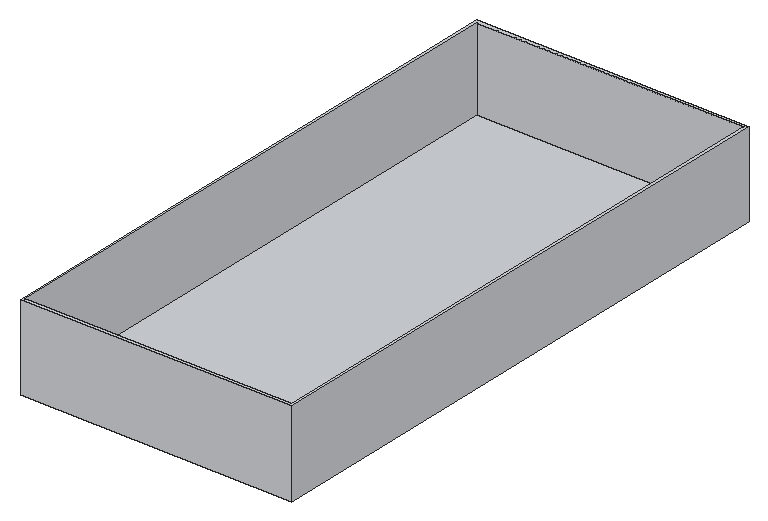
Revit family "Volta-IP30-Surface_mounted-empty-CH-en", category Electrical Equipment, host Face, Revit 2020
Family settings
  Host = Face
  Panel Configuration = Two Columns, Circuits Across
  Round Connector Dimension = Use Diameter
  Part Type = Panelboard
  Cut with Voids When Loaded = No
  Shared = No
  Room Calculation Point = No
Parameters (values of type "Surface mounted IP30 W305 H640 D96.5 12 Modular spacings - VA48MD")
  Width Control [instance] = if([HG000006 - Flush mounted], if([EF000846 - Built-in width] > min_whd, [EF000846 - Built-in width], min_whd), if([EF000008 - Width] > min_whd, ([EF000008 - Width]), min_whd))  # 305 mm
  Void Depth [instance] = if([HG000006 - Flush mounted], Depth Control, 1 mm)  # 1 mm
  Type Comments = [HG000003 - Range]  # "Volta"
  System Height [instance] = Height Control - 2 * [HG000005 - Thickness]  # 634 mm
  Model = [HG000004 - Manufacturer reference]  # "VA48MD"
  HG000011 - Empty rows from bottom = no
  HG000005 - Thickness = 3 mm  # constant formula
  Arrow Offset [instance] = Depth Control / 8  # 12 mm
  Arrow Height [instance] = Depth Control - Arrow Offset  # 84 mm
  Host Offset [instance] = if([HG000006 - Flush mounted], 0 mm, [EF000049 - Depth])  # 96 mm
  min_whd [instance] = (2 * [HG000005 - Thickness]) + 1 mm  # 7 mm
  Manufacturer = "Hager"  # constant formula
  Height Control [instance] = if([HG000006 - Flush mounted], if([EF000332 - Built-in height] > min_whd, [EF000332 - Built-in height], min_whd), if([EF000040 - Height] > min_whd, ([EF000040 - Height]), min_whd))  # 640 mm
  HG000010 - Asymmetric doors = no
  HG000009 - Double swing door = no
  HG000008 - Number of empty rows = 0
  HG000007 - Number of empty columns = 0
  HG000006 - Flush mounted = no
  HG000004 - Manufacturer reference = "VA48MD"
  HG000003 - Range = "Volta"
  HG000002 - With door or cover = no
  HG000001 - Number of columns = 0
  Flush Mounted - Door Frame Width [instance] = if(([EF000040 - Height] - [EF000332 - Built-in height]) > 0 mm, if([HG000006 - Flush mounted], [EF000040 - Height] - [EF000332 - Built-in height], 0 mm), 0 mm)  # 0 mm
  EF015941 - Signal passing door = no
  EF015777 - Neutral terminal block = no
  EF015776 - Earthing terminal block = no
  EF009212 - Cover model = "EV009916 - With notch"
  EF006306 - With lock = no
  EF006244 - Transparent cover/door = no
  EF005474 - Degree of protection (IP) = "EV006410 - IP30"
  EF004462 - Type of closure = "0"
  EF002950 - Width in number of modular spacings = 12
  EF001596 - Material housing = "EV000154 - Other"
  EF001134 - DIN-rail = yes
  EF001131 - Internal depth = 92 mm
  EF001088 - Extension possible = yes
  EF001062 - EMC-version = no
  EF000846 - Built-in width = 0 mm
  EF000339 - Type of cover = "EV000494 - None"
  EF000332 - Built-in height = 0 mm
  EF000266 - Number of rows = 0
  EF000218 - Built-in depth = 0 mm
  EF000118 - With mounting plate = yes
  EF000116 - RAL-number = "9010"
  EF000049 - Depth = 96 mm
  EF000040 - Height = 640 mm
  EF000008 - Width = 305 mm
  EF000007 - Colour = "EV000202 - White"
  EF000003 - Mounting method = "EV000384 - Surface mounted (plaster)"
  Door_Right [instance] = yes
  Door_Left [instance] = not(Door_Right)  # no
  Door Swing Angle [instance] = 45.00°
  Door 3d Visibility [instance] = yes
  Depth Control [instance] = if([HG000006 - Flush mounted], if([EF000218 - Built-in depth] > 0 mm, [EF000218 - Built-in depth], 1 mm), if([EF000049 - Depth] > 0 mm, ([EF000049 - Depth]), 1 mm))  # 96 mm
  Default Elevation = 0 mm
  Clearance Visibility [instance] = no
Reference planes
  plane 1 "Center (Front/Back)": y = 0
  plane 2: z = 0
  plane 3 "Center (Left/Right)": x = 0
  plane 4: z = 96
  plane 5: y = 3
  plane 6: z = 91
  plane 7: y = 320
  plane 8: y = 0
  plane 9: y = 640
  plane 10: z = 0
  plane 11: x = -152.5
  plane 12: x = 152.5
  plane 13: x = 149.5
  plane 14: x = -149.5
  plane 15: y = 637
  plane 16: z = 3
  plane 17: z = 93
  plane 18: z = -1
  plane 19: z = 93
Forms (mm)
  Extrusion 1, solid
    sketch origin (-583.045, 0, 1219.2) x (-1, 0, 0) y (0, 0, 1)
      loop
        line (-430.545, -1123.2) -> (-735.545, -1123.2) -> (-735.545, -1219.2) -> (-430.545, -1219.2) -> (-430.545, -1123.2)
    from 0 to 640 <- "Height Control"
  Extrusion 2, void
    sketch origin (-381.607, -4572, 96) x (0, -1, 0) y (-1, 0, 0)
      loop
        line (-5209, -232.107) -> (-5209, -531.107) -> (-4575, -531.107) -> (-4575, -232.107) -> (-5209, -232.107)
    from 0 to 93
  Extrusion 3, void
    sketch origin (0, 0, 0) x (1, 0, 0) y (0, 1, 0)
      loop
        line (-152.5, 0) -> (152.5, 0) -> (152.5, 640) -> (-152.5, 640) -> (-152.5, 0)
    from -1 to 1
  Extrusion 4, solid, detail levels coarse
    sketch origin (-381.607, -4572, 96) x (-1, 0, 0) y (0, -1, 0)
      loop
        line (-232.107, -5209) -> (-232.107, -4575) -> (-531.107, -4575) -> (-531.107, -5209) -> (-232.107, -5209)
    from 0 to -3
Cuts and joins
  Extrusion 2 cuts Extrusion 1
Dimensions and locks
  plane 4 to plane 6 = 5 mm
  "Host Offset": plane 4 to host face
  "Flush Mounted - Door Frame Width": plane 1 "Center (Front/Back)" to plane 8
  "HG000005 - Thickness": plane 5 to plane 8
  locked: connector elem to plane 3 "Center (Left/Right)"
  "Height Control": plane 9 to plane 8
  equal spacing: plane 9, plane 7, plane 8
  locked: connector elem to plane 7
  "Depth Control": plane 4 to plane 10
  "HG000005 - Thickness": plane 11 to plane 14
  "HG000005 - Thickness": plane 12 to plane 13
  equal spacing: plane 11, plane 3 "Center (Left/Right)", plane 12
  "Width Control": plane 11 to plane 12
  "Arrow Offset": nested 4 to plane 10
  "HG000005 - Thickness": plane 9 to plane 15
  "HG000005 - Thickness": plane 16 to plane 10
  "HG000005 - Thickness": plane 4 to plane 17
  "Void Depth": plane 2 to plane 18
  "HG000005 - Thickness": plane 4 to plane 19
  aligned and locked: plane 2 to host face
  aligned and locked: level to host face
  aligned and locked: plane 3 "Center (Left/Right)" to nested 2
  aligned and locked: plane 4 to nested 2
  aligned and locked: nested 2 to plane 8
  aligned and locked: nested 1 to plane 6
  aligned and locked: plane 5 to nested 1
  aligned and locked: nested 4 to plane 11
  aligned and locked: nested 3 to plane 4
  aligned and locked: Extrusion 1 sketch curve to plane 12
  aligned and locked: Extrusion 1 sketch curve to plane 11
  aligned and locked: nested 3 to plane 10
  aligned and locked: plane 10 to Extrusion 1 sketch curve
  aligned and locked: plane 5 to Extrusion 2 sketch curve
  aligned and locked: Extrusion 2 sketch curve to plane 15
  aligned and locked: Extrusion 2 sketch curve to plane 14
  aligned and locked: Extrusion 2 sketch curve to plane 13
  aligned and locked: plane 11 to Extrusion 3 sketch curve
  aligned and locked: plane 9 to Extrusion 3 sketch curve
  aligned and locked: Extrusion 3 sketch curve to plane 8
  aligned and locked: plane 12 to Extrusion 3 sketch curve
  aligned and locked: nested 3 to plane 12
  aligned and locked: Extrusion 3 to plane 18
  aligned and locked: Extrusion 2 to plane 16
  aligned and locked: Extrusion 1 sketch curve to plane 4
  aligned and locked: Extrusion 4 to plane 17
  aligned and locked: Extrusion 4 sketch curve to plane 15
  aligned and locked: Extrusion 4 sketch curve to plane 13
  aligned and locked: Extrusion 4 sketch curve to plane 14
  aligned and locked: plane 5 to Extrusion 4 sketch curve
Automatic sketch dimensions
  host sketch curve to host sketch curve = 1469.727 mm
  host sketch curve to host sketch curve = 1318.837 mm
Nested families
  nested 1: "Hager_Enclosure_System" at (0, 3, 91) x (1, 0, 0) z (0, 1, 0), Depth <- "HG000005 - Thickness", Height <- "System Height", Width <- "EF000008 - Width", Border <- "HG000005 - Thickness", Flush_Mounted <- "HG000006 - Flush mounted", Built-in_Width <- "EF000846 - Built-in width", Row_Module_Multiplicator <- "EF002950 - Width in number of modular spacings", Total_No_Empty_Rows <- "HG000008 - Number of empty rows", Total_No_Rows <- "EF000266 - Number of rows", Empty_Columns <- "HG000007 - Number of empty columns", No_Rows <- "EF000266 - Number of rows", No_Columns <- "HG000001 - Number of columns", Width_Control <- "Width Control", Empty_Rows_From_Bottom <- "HG000011 - Empty rows from bottom", type "Hager_Enclosure_System", detail levels medium+fine
    with Width_Control 305 mm, Width 305 mm, Total_No_Rows 0, Total_No_Empty_Rows 0, Total_No_Columns 1, System_Width 299 mm, Rows_Column 0, Row_Module_Multiplicator 12, Panel_4 no, Panel_3 no, Panel_2 no, Panel_1 no, No_Rows 0, No_Panels_Ctrl 1, No_Columns 0, Hide_Columns yes, Height 634 mm, Flush_Mounted no, Empty_Rows_From_Bottom no, Empty_Rows_Column 0, Empty_Columns 0, Depth 3 mm, Column_Width 299 mm, Built-in_Width 0 mm, Border 3 mm
  nested 2: "Hager_Enclosure_Door" at (0, 0, 96) x (1, 0, 0) z (0, 1, 0), Border <- "HG000005 - Thickness", Door_Right <- "Door_Right", Flush_Mounted <- "HG000006 - Flush mounted", Depth <- "EF000049 - Depth", Width <- "EF000008 - Width", Door_Left <- "Door_Left", 3d_Door <- "Door 3d Visibility", BuiltIn_Width <- "EF000846 - Built-in width", BuiltIn_Height <- "EF000332 - Built-in height", BuiltIn_Depth <- "EF000218 - Built-in depth", Angle <- "Door Swing Angle", Assymetrical <- "HG000010 - Asymmetric doors", Double <- "HG000009 - Double swing door", Clearance <- "Clearance Visibility", Transparent <- "EF006244 - Transparent cover/door", Door <- "HG000002 - With door or cover", Height_Ctrl <- "Height Control", Width_Ctrl <- "Width Control", Height <- "EF000040 - Height", type "Hager_Enclosure_Door", detail levels medium+fine
    with min_wh 7 mm, Width_Ctrl 305 mm, Width 305 mm, Transparent no, Leaf_Width 296 mm, Leaf_Tolerance 1.5 mm, Leaf_Height 631 mm, Leaf_2_Width 296 mm, Leaf_2_Offset 148 mm, Leaf_1_Width 296 mm, Leaf_1_Offset 148 mm, Height_Ctrl 640 mm, Height 640 mm, Frame_Width_Ctrl 305 mm, Frame_Width 305 mm, Frame_Internal_Offset 0 mm, Frame_Height_Ctrl 640 mm, Frame_Height 640 mm, Frame_Depth_Ctrl 1 mm, Frame_Depth 0 mm, Flush_Mounted no, Double_Clearance_Ctrl no, Double no, Door_Right_Ctrl no, Door_Right yes, Door_Left_Ctrl no, Door_Left no, Door no, Depth 96 mm, Clearance_Depth 296 mm, Clearance_Ctrl no, Clearance no, BuiltIn_Width 0 mm, BuiltIn_Height 0 mm, BuiltIn_Depth 0 mm, Border 3 mm, Assymetrical no, Angle 45.00°, 3d_Door yes
  nested 3: "Hager_Enclosure_Symbol_Triangle" at (-152.5, 0, 0) x (1, 0, 0) z (0, -1, 0), Depth <- "Depth Control", Width <- "Width Control", type "Hager_Enclosure_Symbol_Triangle"
    with Width_Ctrl 305 mm, Width 305 mm, Depth_Ctrl 96 mm, Depth 96 mm
  nested 4: "Hager_Enclosure_Symbol_Arrow" at (-152.5, 0, 12) x (1, 0, 0) z (0, -1, 0), Height <- "Arrow Height", type "Hager_Enclosure_Symbol_Arrow"
    with Width_Inside 6.3 mm, Width 75.6 mm, Height_Ctrl 84 mm, Height 84 mm
Connectors
  electrical at (0, 320, 0)
    settings: on plane 10, index 1, voltage 0 V, apparent load 0 VA, apparent load phase1 0 VA, apparent load phase2 0 VA, apparent load phase3 0 VA, power factor 1, load classification "Other", number of poles 1, system type 30, power factor state 1, is connector primary yes, connector utility no, sub classification motor no, connector description ""
Definition of nested family "Hager_Enclosure_Door"
  Parameters (values of type "Hager_Enclosure_Door")
    min_wh [instance] = (2 * Border) + 1 mm  # 11 mm
    Width_Ctrl [instance] = 400 mm
    Width [instance] = 500 mm
    Transparent [instance] = yes
    Leaf_Width [instance] = if((Width_Ctrl - 2 * Border - 2 * Leaf_Tolerance) > 0 mm, (Width_Ctrl - 2 * Border - 2 * Leaf_Tolerance), min_wh)  # 387 mm
    Leaf_Tolerance [instance] = 1.5 mm  # constant formula
    Leaf_Height [instance] = if((Height_Ctrl - 2 * Border - 2 * Leaf_Tolerance) > 0 mm, (Height_Ctrl - 2 * Border - 2 * Leaf_Tolerance), min_wh)  # 387 mm
    Leaf_2_Width [instance] = if(and(and(Double, Assymetrical), Door_Left), (Leaf_Width / 3) - (Leaf_Tolerance / 2), if(and(and(Double, Assymetrical), Door_Right), (Leaf_Width / 3) * 2 - (Leaf_Tolerance / 2), if(and(Double, not(Assymetrical)), (Leaf_Width / 2) - Leaf_Tolerance, Leaf_Width)))  # 192 mm
    Leaf_2_Offset [instance] = if(and(Double, Assymetrical), Leaf_2_Width / 2, if(and(Double, not(Assymetrical)), Leaf_Width / 4, Leaf_Width / 2))  # 96.75 mm
    Leaf_1_Width [instance] = if(and(and(Double, Assymetrical), Door_Right), (Leaf_Width / 3) - (Leaf_Tolerance / 2), if(and(and(Double, Assymetrical), Door_Left), (Width / 3) * 2 - (Leaf_Tolerance / 2), if(and(Double, not(Assymetrical)), (Leaf_Width / 2) - Leaf_Tolerance, Leaf_Width)))  # 192 mm
    Leaf_1_Offset [instance] = if(and(Double, Assymetrical), Leaf_1_Width / 2, if(and(Double, not(Assymetrical)), Leaf_Width / 4, Leaf_Width / 2))  # 96.75 mm
    Height_Ctrl [instance] = 400 mm
    Height [instance] = 500 mm
    Frame_Width_Ctrl [instance] = if(Frame_Width > 0 mm, Frame_Width, 1 mm)  # 1 mm
    Frame_Width [instance] = Width - BuiltIn_Width  # 0 mm
    Frame_Internal_Offset [instance] = if(Flush_Mounted, Border, 0 mm)  # 0 mm
    Frame_Height_Ctrl [instance] = if(Frame_Height > 0 mm, Frame_Height, 1 mm)  # 1 mm
    Frame_Height [instance] = Height - BuiltIn_Height  # 0 mm
    Frame_Depth_Ctrl [instance] = if(Frame_Depth > 0 mm, Frame_Depth, 1 mm)  # 1 mm
    Frame_Depth [instance] = if(Depth - BuiltIn_Depth > 0 mm, if(Flush_Mounted, Depth - BuiltIn_Depth, 0 mm), 0 mm)  # 0 mm
    Flush_Mounted [instance] = no
    Double_Clearance_Ctrl [instance] = and(Double, Clearance)  # yes
    Double [instance] = yes
    Door_Right_Ctrl [instance] = and(or(Door_Right, Double), Door)  # yes
    Door_Right [instance] = yes
    Door_Left_Ctrl [instance] = and(or(Door_Left, Double), Door)  # yes
    Door_Left [instance] = no
    Door [instance] = yes
    Depth [instance] = 500 mm
    Default Elevation = 1219.2 mm
    Clearance_Material = none
    Clearance_Depth [instance] = if(Leaf_1_Width > Leaf_2_Width, Leaf_1_Width, Leaf_2_Width)  # 192 mm
    Clearance_Ctrl [instance] = and(not(Double), Clearance)  # no
    Clearance [instance] = yes
    BuiltIn_Width [instance] = 500 mm
    BuiltIn_Height [instance] = 500 mm
    BuiltIn_Depth [instance] = 500 mm
    Border [instance] = 5 mm
    Assymetrical [instance] = no
    Angle [instance] = 65.00°
    3d_Door [instance] = yes
  Reference planes
    plane 1 "Center (Front/Back)": y = 0
    plane 2 "Bottom": z = 0
    plane 3 "Center (Left/Right)": x = 0
    plane 4: z = 400
    plane 5: x = -200
    plane 6: x = 200
    plane 7: z = 395
    plane 8: x = -195
    plane 9: z = 5
    plane 10: x = 195
    plane 11: y = 0
    plane 12: z = 6.5
    plane 13: x = -387
    plane 14: y = -192
    plane 15: x = 387
    plane 16: x = -96.75
    plane 17: x = 96.75
    plane 18: x = -193.5
    plane 19: x = 193.5
    plane 20: z = 393.5
  Forms (mm)
    Extrusion 1, solid, visible <- "Flush_Mounted"
      sketch origin (0, 0, 0) x (1, 0, 0) y (0, 0, 1)
        loop
          line (200, 0) -> (200, 400) -> (-200, 400) -> (-200, 0) -> (200, 0)
        loop
          line (-201, 401) -> (-201, -1) -> (201, -1) -> (201, 401) -> (-201, 401)
      from 0 to 1 <- "Frame_Depth_Ctrl"
    Extrusion 2, solid, material <- "Clearance_Material", visible <- "Double_Clearance_Ctrl"
      sketch origin (1200, 0, 0) x (1, 0, 0) y (0, 0, -1)
        loop
          line (-1587, -393.5) -> (-813, -393.5) -> (-813, 0) -> (-1587, 0) -> (-1587, -393.5)
      from 0 to -192
  Dimensions and locks
    equal spacing: plane 5, plane 3 "Center (Left/Right)", plane 6
    "Width_Ctrl": plane 5 to plane 6
    "Border": plane 5 to plane 8
    "Border": plane 6 to plane 10
    "Border": plane 9 to level
    "Border": plane 4 to plane 7
    "Height_Ctrl": plane 4 to level
    "Leaf_Tolerance": plane 12 to plane 9
    "Frame_Depth": plane 11 to plane 1 "Center (Front/Back)"
    "Frame_Width_Ctrl": plane 5 to Extrusion 1 sketch curve
    "Frame_Width_Ctrl": plane 6 to Extrusion 1 sketch curve
    "Frame_Width_Ctrl": Extrusion 1 sketch curve to plane 4
    "Frame_Width_Ctrl": plane 2 "Bottom" to Extrusion 1 sketch curve
    "Leaf_1_Offset": plane 18 to plane 16
    "Leaf_2_Offset": plane 17 to plane 19
    "Leaf_1_Width": plane 13 to plane 8
    "Leaf_2_Width": plane 10 to plane 15
    "Clearance_Depth": plane 14 to plane 1 "Center (Front/Back)"
    "Leaf_Tolerance": plane 8 to plane 18
    "Leaf_Tolerance": plane 19 to plane 10
    "Leaf_Tolerance": plane 7 to plane 20
    "Frame_Internal_Offset": plane 5 to Extrusion 1 sketch curve
    "Frame_Internal_Offset": Extrusion 1 sketch curve to plane 2 "Bottom"
    "Frame_Internal_Offset": plane 6 to Extrusion 1 sketch curve
    "Frame_Internal_Offset": plane 4 to Extrusion 1 sketch curve
    aligned and locked: level to plane 2 "Bottom"
    aligned and locked: nested 1 to plane 16
    aligned and locked: nested 2 to plane 17
    aligned and locked: Extrusion 2 to plane 13
    aligned and locked: plane 15 to Extrusion 2
    aligned and locked: Extrusion 2 to plane 14
    aligned and locked: plane 12 to nested 1
    aligned and locked: nested 2 to plane 12
    aligned and locked: Extrusion 2 to plane 11
    aligned and locked: plane 20 to Extrusion 2
    aligned and locked: nested 2 to plane 11
    aligned and locked: nested 1 to plane 11
  Automatic sketch dimensions
    Extrusion 2 sketch curve to level = 0 mm
    plane 5 to Extrusion 2 sketch curve = 187 mm
    plane 6 to Extrusion 2 sketch curve = 187 mm
    Extrusion 2 sketch curve to plane 4 = 6.5 mm
  Nested families
    nested 1: "Hager_Enclosure_Door_Leaf" at (-96.75, 0, 6.5), Width <- "Leaf_1_Width", visible <- "Door_Left_Ctrl", Leaf_Height <- "Leaf_Height", Angle <- "Angle", Depth <- "Border", 3d_Door <- "3d_Door", Transparent <- "Transparent", Clearance Material <- "Clearance_Material", Clearance <- "Clearance_Ctrl", type "Hager_Enclosure_Door_Leaf"
      with Width 192 mm, Transparent_Door_Border 25 mm, Transparent_Ctrl yes, Transparent yes, Standard no, Leaf_Height 387 mm, Glass_Offset 1 mm, Depth 5 mm, Clearance Material none, Clearance no, Angle_Ctrl 65.00°, Angle 65.00°, 3d_Door yes
    nested 2: "Hager_Enclosure_Door_Leaf" at (96.75, 0, 6.5) x (-1, 0, 0) z (0, 0, 1), Width <- "Leaf_2_Width", visible <- "Door_Right_Ctrl", Leaf_Height <- "Leaf_Height", Angle <- "Angle", Depth <- "Border", 3d_Door <- "3d_Door", Transparent <- "Transparent", Clearance Material <- "Clearance_Material", Clearance <- "Clearance_Ctrl", type "Hager_Enclosure_Door_Leaf"
      with Width 192 mm, Transparent_Door_Border 25 mm, Transparent_Ctrl yes, Transparent yes, Standard no, Leaf_Height 387 mm, Glass_Offset 1 mm, Depth 5 mm, Clearance Material none, Clearance no, Angle_Ctrl 65.00°, Angle 65.00°, 3d_Door yes
  Definition of nested family "Hager_Enclosure_Door_Leaf"
    Parameters (values of type "Hager_Enclosure_Door_Leaf")
      Width [instance] = 200 mm
      Transparent_Door_Border [instance] = 25 mm  # constant formula
      Transparent_Ctrl [instance] = and(Transparent, [3d_Door])  # yes
      Transparent [instance] = yes
      Standard [instance] = and(not(Transparent), [3d_Door])  # no
      Leaf_Height [instance] = 500 mm
      Glass_Offset [instance] = if((Depth - 10 mm) / 2 > 0 mm, (Depth - 10 mm) / 2, 1 mm)  # 1 mm
      Glass_Material = none
      Depth [instance] = 3 mm
      Default Elevation = 0 mm
      Clearance Material [instance] = none
      Clearance [instance] = no
      Angle_Ctrl [instance] = if(Angle > 170.00°, 170.00°, Angle)  # 163.00°
      Angle [instance] = 163.00°
      3d_Door [instance] = yes
    Reference planes
      plane 1 "Center (Front/Back)": y = 0
      plane 2: z = 0
      plane 3 "Center (Left/Right)": x = 0
      plane 4: y = 200
      plane 5: x = -100
      plane 6: x = 100
      plane 7: x = -300
      plane 8: z = 500
      plane 9: z = 25
      plane 10: z = 475
      plane 11: x = 75
      plane 12: x = -75
    Forms (mm)
      Extrusion 1, solid, material <- "Clearance Material", visible <- "Clearance"
        sketch origin (0, 0, 0) x (1, 0, 0) y (0, 0, 1)
          loop
            line (-300, 500) -> (-300, 0) -> (100, 0) -> (100, 500) -> (-300, 500)
        from 0 to -200
      Extrusion 2, solid, visible <- "Standard", detail levels fine
        sketch origin (-100, 0, 0) x (-0.956305, 0.292372, 0) y (-0.292372, -0.956305, 0)
          loop
            line (0, -3) -> (200, -3) -> (200, 0) -> (0, 0) -> (0, -3)
        from 0 to 500 <- "Leaf_Height"
      Extrusion 3, solid, visible <- "Transparent_Ctrl", detail levels fine
        sketch origin (-100, 0, 0) x (-0.956305, 0.292372, 0) y (-0.292372, -0.956305, 0)
          loop
            line (0, -3) -> (200, -3) -> (200, 0) -> (0, 0) -> (0, -3)
        from 0 to 500 <- "Leaf_Height"
      Extrusion 4, void, detail levels fine
        sketch origin (-100, 0, 0) x (-0.292372, -0.956305, 0) y (-0.956305, 0.292372, 0)
          loop
            line (0, 25) -> (0, 175) -> (-3, 175) -> (-3, 25) -> (0, 25)
        from -475 to -25
      Extrusion 5, solid, material <- "Glass_Material", visible <- "Transparent_Ctrl", detail levels fine
        sketch origin (-100, 0, 0) x (-0.956305, 0.292372, 0) y (-0.292372, -0.956305, 0)
          loop
            line (25, -1) -> (25, -2) -> (175, -2) -> (175, -1) -> (25, -1)
        from 25 to 475
    Cuts and joins
      Extrusion 4 cuts Extrusion 3
    Lines and regions (mm)
      symbolic lines
        curve 1: line (100, 0, 0) -> (-300, 0, 0)
        curve 2: arc (100, 0, 0) -> (-100, 200, 0) -> (-300, 0, 0) r 200
        curve 4: line (-100, 0, 0) -> (-291.261, 58.474, 0)
      reference lines
        curve 3: line (-100, 0, 0) -> (-291.261, 58.474, 0)
      symbolic lines, detail levels medium+fine
        curve 5: line (-291.261, 58.474, 0) -> (-290.384, 61.343, 0)
        curve 6: line (-290.384, 61.343, 0) -> (-99.123, 2.869, 0)
        curve 7: line (-99.123, 2.869, 0) -> (-100, 0, 0)
      symbolic lines, detail levels fine
        curve 8: line (-100, 0, 500) -> (100, 0, 500)
        curve 9: line (-100, 0, 0) -> (-100, 0, 500)
        curve 10: line (100, 0, 0) -> (-100, 0, 0)
        curve 11: line (100, 0, 500) -> (100, 0, 0)
      symbolic lines, visible <- "Transparent_Ctrl", detail levels fine
        curve 12: line (-75, 0, 475) -> (75, 0, 475)
        curve 13: line (-75, 0, 25) -> (-75, 0, 475)
        curve 14: line (75, 0, 25) -> (-75, 0, 25)
        curve 15: line (75, 0, 475) -> (75, 0, 25)
    Dimensions and locks
      "Width": plane 1 "Center (Front/Back)" to plane 4
      equal spacing: plane 5, plane 3 "Center (Left/Right)", plane 6
      "Width": plane 5 to plane 6
      "Width": plane 7 to plane 5
      "Leaf_Height": plane 8 to level
      "Depth": curve 6 to curve 3
      "Width": curve 5 to curve 3
      "Width": curve 3 to curve 3
      "Transparent_Door_Border": Extrusion 4 sketch curve to curve 7
      "Transparent_Door_Border": Extrusion 4 sketch curve to curve 5
      "Transparent_Door_Border": plane 8 to plane 10
      "Transparent_Door_Border": plane 9 to level
      "Glass_Offset": Extrusion 5 sketch curve to curve 4
      "Glass_Offset": Extrusion 5 sketch curve to curve 6
      "Transparent_Door_Border": Extrusion 5 sketch curve to curve 5
      "Transparent_Door_Border": Extrusion 5 sketch curve to curve 7
      "Transparent_Door_Border": plane 12 to plane 5
      "Transparent_Door_Border": plane 6 to plane 11
      "Angle_Ctrl": angle plane 1 "Center (Front/Back)" to curve 3
      aligned and locked: level to plane 2
      aligned and locked: Extrusion 1 to curve 1
      aligned and locked: plane 6 to Extrusion 1
      aligned and locked: plane 1 "Center (Front/Back)" to Extrusion 1
      aligned and locked: plane 4 to Extrusion 1
      aligned and locked: plane 8 to Extrusion 1
      aligned and locked: curve 4 to curve 3
      aligned and locked: Extrusion 2 sketch curve to curve 7
      aligned and locked: Extrusion 2 sketch curve to curve 6
      aligned and locked: Extrusion 2 sketch curve to curve 5
      aligned and locked: Extrusion 2 sketch curve to curve 3
      aligned and locked: curve 7 to Extrusion 3 sketch curve
      aligned and locked: Extrusion 3 sketch curve to curve 4
      aligned and locked: Extrusion 3 sketch curve to curve 6
      aligned and locked: Extrusion 3 sketch curve to curve 5
      aligned and locked: curve 4 to Extrusion 4 sketch curve
      aligned and locked: curve 6 to Extrusion 4 sketch curve
      aligned and locked: Extrusion 4 to plane 9
      aligned and locked: Extrusion 4 to plane 10
      aligned and locked: Extrusion 5 to plane 9
      aligned and locked: Extrusion 5 to plane 10
      aligned and locked: curve 8 to plane 8
      aligned and locked: plane 5 to curve 9
      aligned and locked: plane 2 to curve 10
      aligned and locked: curve 11 to plane 6
      aligned and locked: plane 10 to curve 12
      aligned and locked: plane 12 to curve 13
      aligned and locked: plane 9 to curve 14
      aligned and locked: plane 11 to curve 15
    Automatic sketch dimensions
      plane 1 "Center (Front/Back)" to curve 2 = 0 mm
      curve 2 to plane 5 = 0 mm
      Extrusion 1 sketch curve to level = 0 mm
      Extrusion 1 sketch curve to plane 7 = 0 mm
      Extrusion 1 sketch curve to plane 6 = 0 mm
      Extrusion 1 sketch curve to plane 8 = 0 mm
      plane 1 "Center (Front/Back)" to curve 3 = 0 mm
      curve 3 to plane 5 = 0 mm
      curve 7 to curve 3 = 0 mm
Definition of nested family "Hager_Enclosure_Symbol_Triangle"
  Parameters (values of type "Hager_Enclosure_Symbol_Triangle")
    Width_Ctrl [instance] = if(Width > 1 mm, Width, 1 mm)  # 498 mm
    Width [instance] = 498 mm
    Depth_Ctrl [instance] = if(Depth > 1 mm, Depth, 1 mm)  # 72 mm
    Depth [instance] = 72 mm
  Reference planes
    plane 1 "Centre (avant/arrière)": y = 0
    plane 2: z = 0
    plane 3 "Centre (gauche/droite)": x = 0
  Lines and regions (mm)
    Filled region 1, type "Solid_Black", in view "Niveau de réf."
      outline origin (0, 0, 0) x (1, 0, 0) y (0, 1, 0)
        loop
          line (0, 0) -> (498, 0) -> (498, 72) -> (0, 0)
    reference lines, in view "Niveau de réf."
      curve 1: line (-206.153, 72, 0) -> (1083.258, 72, 0)
      curve 2: line (498, 405.456, 0) -> (498, -517.619, 0)
  Dimensions and locks
    "Depth_Ctrl": plane 1 "Centre (avant/arrière)" to curve 1
    "Width_Ctrl": plane 3 "Centre (gauche/droite)" to curve 2
    aligned and locked: curve 1 to Filled region 1 sketch curve
    aligned and locked: Filled region 1 sketch curve to plane 1 "Centre (avant/arrière)"
    aligned and locked: curve 2 to Filled region 1 sketch curve
    aligned and locked: plane 3 "Centre (gauche/droite)" to Filled region 1 sketch curve
    aligned and locked: plane 1 "Centre (avant/arrière)" to Filled region 1 sketch curve
  Automatic sketch dimensions
    curve 1 to plane 3 "Centre (gauche/droite)" = 206.153 mm
    curve 2 to curve 1 = 585.258 mm
    plane 1 "Centre (avant/arrière)" to curve 2 = 517.619 mm
    curve 2 to plane 1 "Centre (avant/arrière)" = 405.456 mm
Definition of nested family "Hager_Enclosure_Symbol_Arrow"
  Parameters (values of type "Hager_Enclosure_Symbol_Arrow")
    Width_Inside [instance] = if(Width / 12 > 2 mm, Width / 12, 2 mm)  # 4.987 mm
    Width [instance] = if(Height_Ctrl * 0.9 > 2 mm, Height_Ctrl * 0.9, 2 mm)  # 59.85 mm
    Height_Ctrl [instance] = if(Height > 2 mm, Height, 2 mm)  # 66.5 mm
    Height [instance] = 66.5 mm
  Reference planes
    plane 1 "Centre (avant/arrière)": y = 0
    plane 2: z = 0
    plane 3 "Centre (gauche/droite)": x = 0
    plane 4: x = 59.85
    plane 5: y = 28.263
    plane 6: y = 38.238
    plane 7: y = 66.5
    plane 8: x = 29.925
    plane 9: y = 33.25
  Lines and regions (mm)
    Filled region 1, type "Solid_Black", in view "Niveau de réf."
      outline origin (0, 0, 0) x (1, 0, 0) y (0, 1, 0)
        loop
          line (59.85, 66.5) -> (37.929, 52.827) -> (51.846, 41.935) -> (59.85, 66.5)
    detail lines, in view "Niveau de réf."
      curve 1: line (0, 0, 0) -> (29.925, 38.238, 0)
      curve 2: line (29.925, 38.238, 0) -> (29.925, 28.263, 0)
      curve 3: line (29.925, 28.263, 0) -> (59.85, 66.5, 0)
  Dimensions and locks
    "Width": plane 3 "Centre (gauche/droite)" to plane 4
    "Height_Ctrl": plane 7 to plane 1 "Centre (avant/arrière)"
    equal spacing: plane 3 "Centre (gauche/droite)", plane 8, plane 4
    equal spacing: plane 7, plane 9, plane 1 "Centre (avant/arrière)"
    equal spacing: plane 6, plane 9, plane 5
    "Width_Inside": plane 6 to plane 9
    equal spacing: curve 3, Filled region 1 sketch curve, Filled region 1 sketch curve
    angle Filled region 1 sketch curve to curve 3 = 20.00°
    angle curve 3 to Filled region 1 sketch curve = 20.00°
    locked: curve 3 to Filled region 1 sketch curve (angle 90.00°)
  Automatic sketch dimensions
    plane 1 "Centre (avant/arrière)" to curve 1 = 0 mm
    curve 1 to plane 3 "Centre (gauche/droite)" = 0 mm
    curve 2 to plane 6 = 0 mm
    curve 3 to plane 8 = 0 mm
    curve 3 to plane 4 = 0 mm
    curve 2 to plane 5 = 0 mm
    curve 3 to plane 7 = 0 mm
    Filled region 1 sketch curve to plane 4 = 0 mm
    Filled region 1 sketch curve to plane 7 = 0 mm
